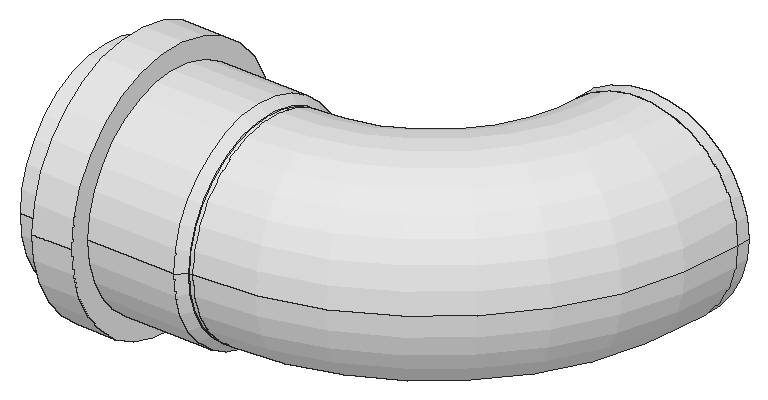
Revit family "Curva_90_Curta", category Pipe Fittings, Revit 2025
Family settings
  Round Connector Dimension = Use Radius
  Part Type = Elbow
  Work Plane-Based = No
  Always vertical = Yes
  Cut with Voids When Loaded = No
  Shared = No
Parameters (values of type "Standard")
  Ângulo [instance] = 90.00°
  built-in parameter 1114242 [instance] = (empty or 0)
  URL = "http://www.tigre.com.br"
  Type Comments = ""
  Tigre: Sistema = "Esgoto"  # constant formula
  Tigre: Norma = ""
  Tigre: Material = "PVC Branco"  # constant formula
  Tigre: Marcador [instance] = "00"
  Tigre: Link do Produto = "http://www.tigre.com.br/pt/produtos_unico.php?rcr_id=4&cpr_id=10&cpr_id_pai=4&lnh_id=9&prd_id=701"
  Tigre: Linha = "Série Normal"  # constant formula
  Tigre: Fabricante = "© Tigre S/A"  # constant formula
  Tigre: Descrição [instance] = if(and(Diâmetro Nominal = 40.00 mm, Ângulo > 85.00°, Ângulo < 95.00°), "Curva 90º Curta 40mm, Esgoto Série Normal - TIGRE", if(and(Diâmetro Nominal = 50.00 mm, Ângulo > 85.00°, Ângulo < 95.00°), "Curva 90º Curta 50mm, Esgoto Série Normal - TIGRE", if(and(Diâmetro Nominal = 75.00 mm, Ângulo > 85.00°, Ângulo < 95.00°), "Curva 90º Curta 75mm, Esgoto Série Normal - TIGRE", if(and(Diâmetro Nominal = 100.00 mm, Ângulo > 85.00°, Ângulo < 95.00°), "Curva 90º Curta 100mm, Esgoto Série Normal - TIGRE", "Produto Inexistente"))))  # "Curva 90º Curta 50mm, Esgoto Série Normal - TIGRE"
  Tigre: Código com Separador [instance] = if(and(Diâmetro Nominal = 40.00 mm, Ângulo > 85.00°, Ângulo < 95.00°), "27.41.040.5", if(and(Diâmetro Nominal = 50.00 mm, Ângulo > 85.00°, Ângulo < 95.00°), "26.11.050.5", if(and(Diâmetro Nominal = 75.00 mm, Ângulo > 85.00°, Ângulo < 95.00°), "26.11.075.0", if(and(Diâmetro Nominal = 100.00 mm, Ângulo > 85.00°, Ângulo < 95.00°), "26.11.100.5", "Produto ou Código Inexistente"))))  # "26.11.050.5"
  Tigre: Código [instance] = if(and(Diâmetro Nominal = 40.00 mm, Ângulo > 85.00°, Ângulo < 95.00°), 27410405, if(and(Diâmetro Nominal = 50.00 mm, Ângulo > 85.00°, Ângulo < 95.00°), 26110505, if(and(Diâmetro Nominal = 75.00 mm, Ângulo > 85.00°, Ângulo < 95.00°), 26110750, if(and(Diâmetro Nominal = 100.00 mm, Ângulo > 85.00°, Ângulo < 95.00°), 26111005, 0))))  # 26110505
  Tigre: Comentários [instance] = ""
  Representação Unifilar [instance] = Diâmetro Nominal * 0.2  # 10 mm
  Raio da Bolsa [instance] = size_lookup(Lookup Table Name, "RaioB", 0.5515 * Diâmetro Nominal + 2.63 mm, Diâmetro Nominal)  # 32 mm
  Raio Nominal [instance] = 25 mm
  Raio Externo 3 [instance] = Diâmetro Externo 3 / 2  # 25 mm
  Raio Externo 2 [instance] = Diâmetro Externo 2 / 2  # 27 mm
  Raio Externo 1 [instance] = Diâmetro Externo 1 / 2  # 25 mm
  Raio Central [instance] = size_lookup(Lookup Table Name, "RCen", 2.1709 * Diâmetro Nominal + 15.15 mm, Diâmetro Nominal)  # 52 mm
  Model = ""
  Manufacturer = Tigre: Fabricante  # "© Tigre S/A"
  Luva Esquerda [instance] = and(and(not(Ligação em Conexão), Bolsa Esquerda), not(Diâmetro Nominal = 40.00 mm))  # yes
  Luva Direita [instance] = and(and(not(Ligação em Conexão), Bolsa Direita), not(Diâmetro Nominal = 40.00 mm))  # no
  Loss Method = Not Defined
  Lookup Table Name = "Curva 90 Curta - Serie Normal - Esgoto - MEP - Tigre"
  Ligação em Conexão [instance] = no
  K Coefficient Table = "Long Radius Elbow"
  Inverter Sentido da Luva [instance] = no
  Description = "Curva 90º Curta, Esgoto Série Normal - TIGRE"
  Default Elevation = 0.00 mm
  Ajuste Conector Direita [instance] = if(and(Bolsa Esquerda, Ligação em Conexão), Cota B, Cota B2 + Cota B3)  # 3.2 mm
  Ajuste Conector Esquerda [instance] = if(and(Bolsa Direita, Ligação em Conexão), Cota B, Cota B2 + Cota B3)  # 3.2 mm
  Bolsa Esquerda [instance] = or(not(Bolsa Direita), Diâmetro Nominal = 40.00 mm)  # yes
  Bolsa Direita [instance] = or(Inverter Sentido da Luva, Diâmetro Nominal = 40.00 mm)  # no
  Anel Direito [instance] = or(and(Bolsa Direita, Diâmetro Nominal > 40.00 mm))  # no
  Acabamento [instance] = none
  Diâmetro Nominal [instance] = Raio Nominal * 2  # 50 mm
  Diâmetro Externo 3 [instance] = size_lookup(Lookup Table Name, "DE3", 0.9915 * Diâmetro Nominal + 1.30 mm, Diâmetro Nominal)  # 50 mm
  Diâmetro Externo 2 [instance] = size_lookup(Lookup Table Name, "DE2", 1.03 * Diâmetro Nominal + 2.16 mm, Diâmetro Nominal)  # 54 mm
  Diâmetro Externo 1 [instance] = size_lookup(Lookup Table Name, "DE1", Diâmetro Nominal, Diâmetro Nominal)  # 50 mm
  Cota C3 [instance] = size_lookup(Lookup Table Name, "CotC3", 0.0086 * Diâmetro Nominal + 0.74 mm, Diâmetro Nominal)  # 1.3 mm
  Cota C2 [instance] = size_lookup(Lookup Table Name, "CotC2", 0.0897 * Diâmetro Nominal + 2.72 mm, Diâmetro Nominal)  # 10 mm
  Cota C1 [instance] = size_lookup(Lookup Table Name, "CotC1", 0.119 * Diâmetro Nominal + 6.64 mm, Diâmetro Nominal)  # 17 mm
  Cota B3 [instance] = size_lookup(Lookup Table Name, "CotB3", 0.0118 * Diâmetro Nominal + 2.08 mm, Diâmetro Nominal)  # 2.2 mm
  Cota B2 [instance] = if(and(Ângulo > 85.00°, Ângulo < 95.00°), size_lookup(Lookup Table Name, "CotB2", 0.126 * Diâmetro Nominal + 34.61 mm, Diâmetro Nominal), if(and(Ângulo > 40.00°, Ângulo < 50.00°), size_lookup(Lookup Table Name, "CotB4", 0.00 mm, Diâmetro Nominal), size_lookup(Lookup Table Name, "CotB4", 0.2118 * Diâmetro Nominal + 28.37 mm, Diâmetro Nominal)))  # 1 mm
  Cota B1 [instance] = size_lookup(Lookup Table Name, "CotB1", 0.2371 * Diâmetro Nominal + 27.62 mm, Diâmetro Nominal)  # 39 mm
  Cota B [instance] = Cota B1 + Cota B2 + Cota B3  # 42.2 mm
  Centro a Face Externa [instance] = Raio Central * tan(Ângulo / 2)  # 52 mm
  Anel Esquerdo [instance] = or(and(Bolsa Esquerda, Diâmetro Nominal > 40.00 mm))  # yes
Reference planes
  plane 1 "Center (Front/Back)": y = 0
  plane 2: z = 0
  plane 3 "Center (Left/Right)": x = 0
  plane 4: y = 52
  plane 5: x = -52
Forms (mm)
  Sweep 1, solid, material "PVC", visible <- "Bolsa Esquerda", detail levels fine
    path in 3D
      loop
        line (-52, 0, 0) -> (-53, 0, 0)
    profile origin (-52.5, 0, 0) x (0, -1, 0) y (0, 0, 1)
      loop
        circle (0, 0) r 25
  SweptBlend 2, solid, material "PVC", visible <- "Bolsa Esquerda", detail levels fine
    path in 3D
      loop
        line (-53, 0, 0) -> (-55.2, 0, 0)
    profile origin (-53, 0, 0) x (0, -1, 0) y (0, 0, 1)
      loop
        circle (0, 0) r 25
    end profile origin (-55.2, 0, 0) x (0, -1, 0) y (0, 0, 1)
      loop
        circle (0, 0) r 27
  Sweep 3, solid, material "PVC", visible <- "Bolsa Direita", detail levels fine
    path in 3D
      loop
        line (0, 52, 0) -> (0, 53, 0)
    profile origin (0, 52.5, 0) x (-1, 0, 0) y (0, 0, 1)
      loop
        circle (0, 0) r 25
  SweptBlend 4, solid, material "PVC", visible <- "Bolsa Direita", detail levels fine
    path in 3D
      loop
        line (0, 53, 0) -> (0, 55.2, 0)
    profile origin (0, 53, 0) x (-1, 0, 0) y (0, 0, 1)
      loop
        circle (0, 0) r 25
    end profile origin (0, 55.2, 0) x (-1, 0, 0) y (0, 0, 1)
      loop
        circle (0, 0) r 27
  Sweep 5, solid, material "PVC", visible <- "Anel Direito", detail levels fine
    path in 3D
      loop
        line (0, 77.2, 0) -> (0, 87.2, 0)
    profile origin (0, 82.2, 0) x (-1, 0, 0) y (0, 0, 1)
      loop
        circle (0, 0) r 32
      loop
        circle (0, 0) r 27
  SweptBlend 6, solid, material "PVC", visible <- "Anel Direito", detail levels fine
    path in 3D
      loop
        line (0, 87.2, 0) -> (0, 88.5, 0)
    profile origin (0, 87.2, 0) x (-1, 0, 0) y (0, 0, 1)
      loop
        circle (0, 0) r 32
    end profile origin (0, 88.5, 0) x (-1, 0, 0) y (0, 0, 1)
      loop
        circle (0, 0) r 27
  Sweep 7, solid, material "PVC", visible <- "Bolsa Direita", detail levels fine
    path origin (0, 0, 0) x (1, 0, 0) y (0, 1, 0)
      loop
        line (0, 55.2) -> (0, 94.2)
    profile origin (0, 74.7, 0) x (-1, 0, 0) y (0, 0, 1)
      loop
        circle (0, 0) r 27
      loop
        circle (0, 0) r 25
  Sweep 8, solid, material "PVC", visible <- "Anel Esquerdo", detail levels fine
    path in 3D
      loop
        line (-77.2, 0, 0) -> (-87.2, 0, 0)
    profile origin (-82.2, 0, 0) x (0, -1, 0) y (0, 0, 1)
      loop
        circle (0, 0) r 32
      loop
        circle (0, 0) r 27
  SweptBlend 9, solid, material "PVC", visible <- "Anel Esquerdo", detail levels fine
    path in 3D
      loop
        line (-87.2, 0, 0) -> (-88.5, 0, 0)
    profile origin (-87.2, 0, 0) x (0, -1, 0) y (0, 0, 1)
      loop
        circle (0, 0) r 32
    end profile origin (-88.5, 0, 0) x (0, -1, 0) y (0, 0, 1)
      loop
        circle (0, 0) r 27
  Sweep 10, solid, material "PVC", visible <- "Bolsa Esquerda", detail levels fine
    path origin (0, 0, 0) x (1, 0, 0) y (0, 1, 0)
      loop
        line (-55.2, 0) -> (-94.2, 0)
    profile origin (-74.7, 0, 0) x (0, -1, 0) y (0, 0, 1)
      loop
        circle (0, 0) r 27
      loop
        circle (0, 0) r 25
  Sweep 11, void
    path in 3D
      loop
        line (-87.2, 0, 0) -> (-88.5, 0, 0)
    profile origin (-87.85, 0, 0) x (0, -1, 0) y (0, 0, 1)
      loop
        circle (0, 0) r 27
  Sweep 12, void
    path in 3D
      loop
        line (0, 87.2, 0) -> (0, 88.5, 0)
    profile origin (0, 87.85, 0) x (-1, 0, 0) y (0, 0, 1)
      loop
        circle (0, 0) r 27
  Sweep 13, solid, material "PVC", visible <- "Bolsa Direita", detail levels fine
    path origin (0, 0, 0) x (1, 0, 0) y (0, 1, 0)
      loop
        line (-55.2, 0) -> (-52, 0)
    profile origin (-53.6, 0, 0) x (0, 1, 0) y (0, 0, 1)
      loop
        circle (0, 0) r 25
  Sweep 14, solid, material "PVC", visible <- "Bolsa Direita", detail levels fine
    path in 3D
      loop
        arc (-52, 0, 0) -> (-15.23, 15.23, 0) -> (0, 52, 0) r 52
    profile origin (-15.23, 15.23, 0) x (-0.707107, 0.707107, 0) y (0, 0, 1)
      loop
        circle (0, 0) r 25
  Sweep 15, solid, material "PVC", visible <- "Bolsa Esquerda", detail levels fine
    path origin (0, 0, 0) x (1, 0, 0) y (0, 1, 0)
      loop
        line (0, 52) -> (0, 55.2)
    profile origin (0, 53.6, 0) x (-1, 0, 0) y (0, 0, 1)
      loop
        circle (0, 0) r 25
  Sweep 16, solid, material "PVC", visible <- "Bolsa Esquerda", detail levels fine
    path in 3D
      loop
        arc (-52, 0, 0) -> (-15.23, 15.23, 0) -> (0, 52, 0) r 52
    profile origin (-15.23, 15.23, 0) x (-0.707107, 0.707107, 0) y (0, 0, 1)
      loop
        circle (0, 0) r 25
Cuts and joins
  Sweep 11, Sweep 12 cuts Sweep 5
  Sweep 11, Sweep 12 cuts SweptBlend 6
  joined: Sweep 5, SweptBlend 6
  Sweep 11 cuts SweptBlend 2
  joined: SweptBlend 2, Sweep 10
  Sweep 12 cuts SweptBlend 4
  joined: SweptBlend 4, Sweep 7
  joined: Sweep 3, Sweep 13, Sweep 14
  Sweep 11, Sweep 12 cuts Sweep 8
  Sweep 11, Sweep 12 cuts SweptBlend 9
  joined: Sweep 8, SweptBlend 9
  joined: Sweep 1, Sweep 15, Sweep 16
Lines and regions (mm)
  reference lines
    curve 1: line (-52, 52, 0) -> (248, 52, 0)
  model lines, detail levels coarse+medium
    curve 2: arc (-52, 0, 0) -> (-15.23, 15.23, 0) -> (0, 52, 0) r 52
    curve 3: line (-52, 0, 0) -> (-53, 0, 0)
    curve 4: line (-53, 0, 0) -> (-55.2, 0, 0)
    curve 5: line (-55.2, 0, 0) -> (-77.2, 0, 0)
    curve 6: line (-77.2, 0, 0) -> (-87.2, 0, 0)
    curve 7: line (-87.2, 0, 0) -> (-88.5, 0, 0)
    curve 8: line (-88.5, 0, 0) -> (-94.2, 0, 0)
    curve 11: line (-55.2, 0, 0) -> (-55.2, 10, 0)
    curve 12: line (-55.2, 0, 0) -> (-55.2, -10, 0)
    curve 13: line (0, 52, 0) -> (0, 53, 0)
    curve 15: line (0, 53, 0) -> (0, 55.2, 0)
    curve 17: line (0, 55.2, 0) -> (0, 77.2, 0)
    curve 18: line (0, 77.2, 0) -> (0, 87.2, 0)
    curve 20: line (0, 87.2, 0) -> (0, 88.5, 0)
    curve 22: line (0, 88.5, 0) -> (0, 94.2, 0)
    curve 23: line (0, 55.2, 0) -> (-10, 55.2, 0)
    curve 24: line (0, 55.2, 0) -> (10, 55.2, 0)
  sketch lines
    curve 9: line (-52, 0, 0) -> (-53, 0, 0)
    curve 10: line (-53, 0, 0) -> (-55.2, 0, 0)
    curve 14: line (0, 52, 0) -> (0, 53, 0)
    curve 16: line (0, 53, 0) -> (0, 55.2, 0)
    curve 19: line (0, 77.2, 0) -> (0, 87.2, 0)
    curve 21: line (0, 87.2, 0) -> (0, 88.5, 0)
    curve 25: line (-77.2, 0, 0) -> (-87.2, 0, 0)
    curve 26: line (-87.2, 0, 0) -> (-88.5, 0, 0)
    curve 27: line (-87.2, 0, 0) -> (-88.5, 0, 0)
    curve 28: line (0, 87.2, 0) -> (0, 88.5, 0)
    curve 29: arc (-52, 0, 0) -> (-15.23, 15.23, 0) -> (0, 52, 0) r 52
    curve 30: arc (-52, 0, 0) -> (-15.23, 15.23, 0) -> (0, 52, 0) r 52
  reference lines, not visible
    curve 31: line (0, 0, 0) -> (0, 310, 0)
Dimensions and locks
  "Centro a Face Externa": plane 5 to plane 3 "Center (Left/Right)"
  "Raio Central": plane 4 to plane 1 "Center (Front/Back)"
  "Cota B2": curve 4 to plane 5
  "Cota B3": curve 5 to curve 4
  curve 6 to curve 5 = 22.00 mm
  "Cota C2": curve 7 to curve 6
  "Cota C3": curve 8 to curve 6
  curve 8 to curve 7 = 5.70 mm
  "Cota B": curve 8 to plane 5
  "Cota B2": curve 1 to curve 13
  "Cota B3": curve 15 to curve 15
  curve 17 to curve 17 = 22.00 mm
  "Cota C2": curve 18 to curve 18
  "Cota C3": curve 20 to curve 20
  curve 22 to curve 22 = 5.70 mm
  "Cota B": curve 1 to curve 22
  equal spacing: curve 24, curve 13, curve 23
  "Representação Unifilar": curve 24 to curve 13
  "Cota B1": Sweep 7 sketch curve to Sweep 7 sketch curve
  "Cota B1": Sweep 10 sketch curve to Sweep 10 sketch curve
  "Ajuste Conector Esquerda": Sweep 13 sketch curve to plane 5
  "Ajuste Conector Direita": curve 1 to Sweep 15 sketch curve
  equal spacing: curve 12, plane 1 "Center (Front/Back)", curve 11
  "Representação Unifilar": plane 1 "Center (Front/Back)" to curve 11
  "Raio Externo 1": radius of Sweep 1 sketch curve
  "Raio Externo 1": radius of SweptBlend 2 sketch curve
  "Raio Externo 2": radius of SweptBlend 2 sketch curve
  "Raio Central": radius of curve 2
  "Raio Externo 1": radius of Sweep 3 sketch curve
  "Raio Externo 1": radius of SweptBlend 4 sketch curve
  "Raio Externo 2": radius of SweptBlend 4 sketch curve
  "Raio da Bolsa": radius of Sweep 5 sketch curve
  "Raio da Bolsa": radius of SweptBlend 6 sketch curve
  "Raio Externo 2": radius of SweptBlend 6 sketch curve
  "Raio Externo 2": radius of Sweep 7 sketch curve
  "Raio da Bolsa": radius of Sweep 8 sketch curve
  "Raio da Bolsa": radius of SweptBlend 9 sketch curve
  "Raio Externo 2": radius of SweptBlend 9 sketch curve
  "Raio Externo 2": radius of Sweep 10 sketch curve
  "Raio Externo 2": radius of Sweep 8 sketch curve
  "Raio Nominal": radius of Sweep 10 sketch curve
  "Raio Externo 2": radius of Sweep 11 sketch curve
  "Raio Nominal": radius of Sweep 7 sketch curve
  "Raio Externo 2": radius of Sweep 5 sketch curve
  "Raio Externo 2": radius of Sweep 12 sketch curve
  "Raio Externo 1": radius of Sweep 13 sketch curve
  "Raio Externo 1": radius of Sweep 14 sketch curve
  "Raio Externo 1": radius of Sweep 15 sketch curve
  "Raio Externo 1": radius of Sweep 16 sketch curve
  "Ângulo": angle plane 5 to curve 1
  locked: curve 1 to curve 13 (angle 90.00°)
  locked: curve 1 to curve 15 (angle 90.00°)
  locked: curve 1 to curve 17 (angle 90.00°)
  locked: curve 1 to curve 18 (angle 90.00°)
  locked: curve 1 to curve 20 (angle 90.00°)
  locked: curve 1 to curve 22 (angle 90.00°)
  locked: curve 23 to curve 13 (angle 90.00°)
  locked: curve 24 to curve 13 (angle 90.00°)
  locked: curve 1 to Sweep 7 sketch curve (angle 90.00°)
  locked: curve 1 to Sweep 15 sketch curve (angle 90.00°)
  "Ângulo": angle plane 1 "Center (Front/Back)" to curve 31
  aligned and locked: plane 4 to curve 1
  aligned and locked: plane 5 to curve 1
  aligned and locked: curve 1 to curve 2
  aligned and locked: plane 1 "Center (Front/Back)" to curve 2
  aligned and locked: curve 12 to curve 11
  aligned and locked: Sweep 7 sketch curve to curve 23
  aligned and locked: curve 13 to Sweep 7 sketch curve
  aligned and locked: Sweep 10 sketch curve to curve 11
  aligned and locked: plane 5 to Sweep 13 sketch curve
  aligned and locked: plane 1 "Center (Front/Back)" to Sweep 13 sketch curve
  aligned and locked: curve 1 to Sweep 15 sketch curve
  aligned and locked: Sweep 15 sketch curve to curve 13
  aligned and locked: plane 3 "Center (Left/Right)" to curve 31
  aligned and locked: plane 1 "Center (Front/Back)" to curve 31
Automatic sketch dimensions
  Sweep 1 sketch curve to profile plane = 0.00 mm  (x2)
  SweptBlend 2 sketch curve to profile plane = 0.00 mm  (x4)
  Sweep 3 sketch curve to profile plane = 0.00 mm
  profile plane to Sweep 3 sketch curve = 0.00 mm
  SweptBlend 4 sketch curve to profile plane = 0.00 mm  (x2)
  profile plane to SweptBlend 4 sketch curve = 0.00 mm  (x2)
  SweptBlend 6 sketch curve to profile plane = 0.00 mm  (x2)
  profile plane to SweptBlend 6 sketch curve = 0.00 mm  (x2)
  SweptBlend 9 sketch curve to profile plane = 0.00 mm  (x4)
  plane 1 "Center (Front/Back)" to Sweep 10 sketch curve = 0.00 mm
  Sweep 8 sketch curve to Sweep 8 sketch curve = 0.00 mm  (x2)
  Sweep 8 sketch curve to profile plane = 0.00 mm  (x2)
  Sweep 10 sketch curve to Sweep 10 sketch curve = 0.00 mm  (x2)
  Sweep 10 sketch curve to level = 0.00 mm
  Sweep 10 sketch curve to profile plane = 0.00 mm
  Sweep 11 sketch curve to profile plane = 0.00 mm  (x2)
  Sweep 7 sketch curve to Sweep 7 sketch curve = 0.00 mm  (x2)
  Sweep 7 sketch curve to level = 0.00 mm
  Sweep 7 sketch curve to profile plane = 0.00 mm
  Sweep 5 sketch curve to Sweep 5 sketch curve = 0.00 mm  (x2)
  Sweep 5 sketch curve to profile plane = 0.00 mm  (x2)
  Sweep 12 sketch curve to profile plane = 0.00 mm  (x2)
  Sweep 13 sketch curve to level = 0.00 mm
  Sweep 13 sketch curve to profile plane = 0.00 mm
  Sweep 14 sketch curve to profile plane = 0.00 mm
  profile plane to Sweep 14 sketch curve = 0.00 mm
  level to Sweep 15 sketch curve = 0.00 mm
  Sweep 15 sketch curve to profile plane = 0.00 mm
  Sweep 16 sketch curve to profile plane = 0.00 mm
  profile plane to Sweep 16 sketch curve = 0.00 mm
  curve 2 to plane 5 = 0.00 mm
Connectors
  piping at (-55.2, 0, 0), diameter 50, driven by "Ângulo", driven by "Raio Nominal"
    settings: on cut or joined group of Sweep 3, Sweep 13, Sweep 14, index 1, connector inside diameter 50 mm, connector length 0.00 mm, flow factor 0, pipe flow 0.0 L/s, pressure drop 0.0 Pa, fitting loss kfactor 0, connector angle 90.00°, fixture units 0, engagement length 0.00 mm, angle of deflection 0.00°, flow configuration 0, flow direction 0, fitting loss method 0, system type 28, joint type 0, gender type 0, connector reference index 2, connector utility 0, adjustable connector no, is connector primary yes, connector description ""
  piping at (0, 55.2, 0), diameter 50, driven by "Ângulo", driven by "Raio Nominal"
    settings: on cut or joined group of Sweep 1, Sweep 15, Sweep 16, index 2, connector inside diameter 50 mm, connector length 0.00 mm, flow factor 0, pipe flow 0.0 L/s, pressure drop 0.0 Pa, fitting loss kfactor 0, connector angle 90.00°, fixture units 0, engagement length 0.00 mm, angle of deflection 0.00°, flow configuration 0, flow direction 0, fitting loss method 0, system type 28, joint type 0, gender type 0, connector reference index 1, connector utility 0, adjustable connector no, is connector primary no, connector description ""
